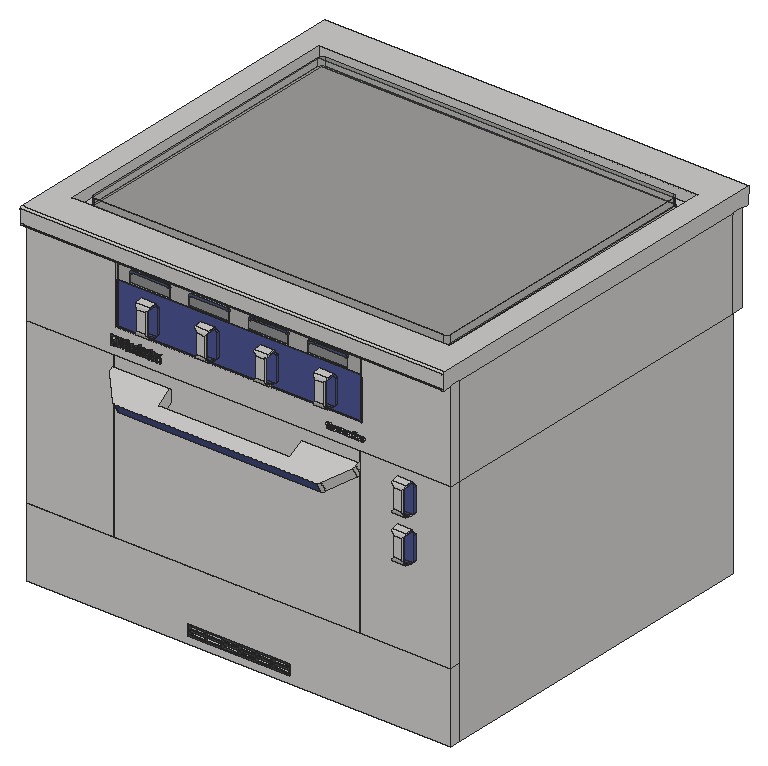
Revit family "QF_ELECTROLUXPROFESSIONAL_589663_MCTGFAJ8AO", category Attrezzature speciali, Revit 2020 (continued)
Definition of nested family "Front_Panel_W1000_4 Knobs"
  Definition of nested family "ELX_Professional_Logo_Small"
    Forms (mm)
      Extrusion 2, solid, material <- "Material_Logo"
        sketch origin (15.5, 0, 0) x (1, 0, 0) y (0, 1, 0)
          loop
            line (0.056, 5.289) -> (0.056, 6.838) -> (-2.402, 6.838) -> (-2.402, -3.572) -> (0.056, -3.572) -> (0.056, 1.901)
            spline (0.056, 1.901) -> (0.079, 2.316) -> (0.145, 2.703) -> (0.254, 3.06) -> (0.404, 3.386) -> (0.592, 3.679) -> (0.818, 3.938) -> (1.08, 4.162) -> (1.375, 4.348) -> (1.703, 4.495) -> (2.062, 4.602) -> (2.45, 4.668) -> (2.865, 4.69)
            line (2.865, 4.69) -> (3.898, 4.586) -> (3.898, 6.983)
          loop
            spline (15.638, 1.633) -> (15.586, 2.396) -> (15.435, 3.124) -> (15.192, 3.81) -> (14.863, 4.449) -> (14.455, 5.034) -> (13.975, 5.56) -> (13.43, 6.021) -> (12.826, 6.411) -> (12.17, 6.724) -> (11.469, 6.955) -> (10.729, 7.098) -> (9.958, 7.147)
            spline (9.958, 7.147) -> (9.182, 7.098) -> (8.44, 6.955) -> (7.737, 6.724) -> (7.081, 6.411) -> (6.477, 6.021) -> (5.933, 5.56) -> (5.454, 5.034) -> (5.048, 4.449) -> (4.721, 3.81) -> (4.479, 3.124) -> (4.329, 2.396) -> (4.277, 1.633)
            spline (4.277, 1.633) -> (4.329, 0.869) -> (4.479, 0.141) -> (4.721, -0.544) -> (5.048, -1.183) -> (5.454, -1.768) -> (5.933, -2.294) -> (6.477, -2.755) -> (7.081, -3.145) -> (7.737, -3.459) -> (8.44, -3.69) -> (9.182, -3.833) -> (9.958, -3.882)
            spline (9.958, -3.882) -> (10.729, -3.833) -> (11.469, -3.69) -> (12.17, -3.459) -> (12.826, -3.145) -> (13.43, -2.755) -> (13.975, -2.294) -> (14.455, -1.768) -> (14.863, -1.183) -> (15.192, -0.544) -> (15.435, 0.141) -> (15.586, 0.869) -> (15.638, 1.633)
          loop
            spline (13.18, 1.633) -> (13.151, 2.083) -> (13.067, 2.513) -> (12.932, 2.918) -> (12.748, 3.296) -> (12.52, 3.642) -> (12.251, 3.954) -> (11.943, 4.227) -> (11.601, 4.459) -> (11.228, 4.645) -> (10.828, 4.782) -> (10.403, 4.867) -> (9.958, 4.896)
            spline (9.958, 4.896) -> (9.509, 4.867) -> (9.081, 4.782) -> (8.679, 4.645) -> (8.306, 4.459) -> (7.964, 4.227) -> (7.658, 3.954) -> (7.39, 3.642) -> (7.163, 3.296) -> (6.981, 2.918) -> (6.847, 2.513) -> (6.765, 2.083) -> (6.736, 1.633)
            spline (6.736, 1.633) -> (6.765, 1.182) -> (6.847, 0.753) -> (6.981, 0.347) -> (7.163, -0.031) -> (7.39, -0.377) -> (7.658, -0.689) -> (7.964, -0.962) -> (8.306, -1.193) -> (8.679, -1.38) -> (9.081, -1.517) -> (9.509, -1.602) -> (9.958, -1.631)
            spline (9.958, -1.631) -> (10.403, -1.602) -> (10.828, -1.517) -> (11.228, -1.38) -> (11.601, -1.193) -> (11.943, -0.962) -> (12.251, -0.689) -> (12.52, -0.377) -> (12.748, -0.031) -> (12.932, 0.347) -> (13.067, 0.753) -> (13.151, 1.182) -> (13.18, 1.633)
          loop
            line (17.162, 4.269) -> (17.162, -3.573) -> (19.642, -3.573) -> (19.642, 10.824) -> (17.162, 10.824) -> (17.162, 4.269)
          loop
            line (28.581, 6.838) -> (28.581, 0.786)
            spline (28.581, 0.786) -> (28.561, 0.393) -> (28.503, 0.038) -> (28.409, -0.279) -> (28.281, -0.559) -> (28.122, -0.802) -> (27.933, -1.011) -> (27.717, -1.185) -> (27.476, -1.325) -> (27.213, -1.433) -> (26.929, -1.509) -> (26.626, -1.554) -> (26.308, -1.569)
            spline (26.308, -1.569) -> (25.99, -1.554) -> (25.688, -1.509) -> (25.404, -1.434) -> (25.141, -1.326) -> (24.9, -1.187) -> (24.684, -1.014) -> (24.496, -0.807) -> (24.336, -0.565) -> (24.209, -0.288) -> (24.115, 0.026) -> (24.057, 0.376) -> (24.037, 0.765)
            line (24.037, 0.765) -> (24.037, 6.838) -> (21.537, 6.838) -> (21.537, 0.558)
            spline (21.537, 0.558) -> (21.581, -0.153) -> (21.71, -0.8) -> (21.916, -1.384) -> (22.195, -1.904) -> (22.54, -2.362) -> (22.944, -2.757) -> (23.403, -3.09) -> (23.909, -3.362) -> (24.456, -3.572) -> (25.04, -3.722) -> (25.652, -3.811) -> (26.288, -3.841)
            spline (26.288, -3.841) -> (26.929, -3.811) -> (27.547, -3.72) -> (28.135, -3.568) -> (28.687, -3.355) -> (29.197, -3.079) -> (29.66, -2.741) -> (30.068, -2.341) -> (30.415, -1.877) -> (30.696, -1.349) -> (30.905, -0.757) -> (31.034, -0.101) -> (31.079, 0.621)
            line (31.079, 0.621) -> (31.079, 6.838) -> (28.581, 6.838)
          loop
            line (40.457, -0.243) -> (38.894, 1.942) -> (40.83, 4.579) -> (42.488, 6.837) -> (39.782, 6.837) -> (37.53, 3.719) -> (35.258, 6.837) -> (32.573, 6.837) -> (34.113, 4.731) -> (36.167, 1.922) -> (34.014, -1.076) -> (32.222, -3.573) -> (34.887, -3.573) -> (37.53, 0.104) -> (40.174, -3.573) -> (42.839, -3.573) -> (40.457, -0.243)
          loop
            line (-46.121, -5.837) -> (-48.039, -5.837) -> (-48.039, -10.814) -> (-47.016, -10.814) -> (-47.016, -9.128) -> (-46.121, -9.128)
            arc (-46.121, -9.128) -> (-44.476, -7.482) -> (-46.121, -5.837) r 1.645
          loop
            line (-46.163, -6.778) -> (-47.016, -6.778) -> (-47.016, -8.187) -> (-46.163, -8.187)
            arc (-46.163, -8.187) -> (-45.458, -7.482) -> (-46.163, -6.778) r 0.704
          loop
            line (-38.313, -5.837) -> (-40.265, -5.837) -> (-40.265, -10.814) -> (-39.241, -10.814) -> (-39.241, -9.1) -> (-38.46, -9.182) -> (-37.48, -10.814) -> (-36.318, -10.814) -> (-37.513, -8.848)
            arc (-37.513, -8.848) -> (-36.888, -8.266) -> (-36.671, -7.441) r 1.536
            arc (-36.671, -7.441) -> (-37.165, -6.305) -> (-38.313, -5.837) r 1.643
          loop
            arc (-38.402, -8.166) -> (-37.707, -7.505) -> (-38.334, -6.778) r 0.696
            line (-38.334, -6.778) -> (-39.241, -6.778) -> (-39.241, -8.166) -> (-38.402, -8.166)
          loop
            circle (-29.965, -8.325) r 2.585
          loop
            circle (-29.965, -8.325) r 1.64
          loop
            line (-23.1, -5.837) -> (-23.1, -10.814) -> (-22.076, -10.814) -> (-22.076, -8.768) -> (-20.204, -8.768) -> (-20.204, -7.828) -> (-22.076, -7.828) -> (-22.076, -6.778) -> (-20.024, -6.778) -> (-20.024, -5.837) -> (-23.1, -5.837)
          loop
            line (-15.802, -5.837) -> (-15.802, -9.2)
            arc (-15.802, -9.2) -> (-15.343, -10.34) -> (-14.209, -10.814) r 1.593
            line (-14.209, -10.814) -> (-12.602, -10.814) -> (-12.602, -10.027) -> (-14.004, -10.027)
            arc (-14.004, -10.027) -> (-14.552, -9.8) -> (-14.779, -9.252) r 0.775
            line (-14.779, -9.252) -> (-14.779, -8.424) -> (-12.789, -8.424) -> (-12.789, -7.642) -> (-14.779, -7.642) -> (-14.779, -6.778) -> (-12.651, -6.778) -> (-12.651, -5.837) -> (-15.802, -5.837)
          loop
            line (-5.909, -7.143) -> (-5.173, -6.638)
            arc (-5.173, -6.638) -> (-5.855, -5.974) -> (-6.781, -5.755) r 1.782
            arc (-6.781, -5.755) -> (-7.397, -5.878) -> (-7.944, -6.189) r 1.974
            arc (-7.944, -6.189) -> (-8.202, -6.5) -> (-8.317, -6.888) r 1.013
            arc (-8.317, -6.888) -> (-8.306, -7.341) -> (-8.192, -7.78) r 1.985
            arc (-8.192, -7.78) -> (-7.749, -8.259) -> (-7.171, -8.563) r 1.928
            arc (-7.171, -8.563) -> (-6.637, -8.779) -> (-6.131, -9.056) r 5.041
            arc (-6.131, -9.056) -> (-5.934, -9.387) -> (-6.09, -9.74) r 0.42
            arc (-6.09, -9.74) -> (-6.631, -9.96) -> (-7.204, -9.845) r 1.016
            arc (-7.204, -9.845) -> (-7.625, -9.603) -> (-7.889, -9.196) r 1.033
            line (-7.889, -9.196) -> (-8.67, -9.686)
            arc (-8.67, -9.686) -> (-8.361, -10.198) -> (-7.908, -10.589) r 1.914
            arc (-7.908, -10.589) -> (-7.334, -10.834) -> (-6.714, -10.896) r 2.063
            arc (-6.714, -10.896) -> (-5.947, -10.743) -> (-5.256, -10.376) r 2.696
            arc (-5.256, -10.376) -> (-4.95, -9.565) -> (-5.108, -8.712) r 1.618
            arc (-5.108, -8.712) -> (-5.448, -8.319) -> (-5.884, -8.035) r 1.876
            arc (-5.884, -8.035) -> (-6.434, -7.789) -> (-6.999, -7.577) r 9.883
            arc (-6.999, -7.577) -> (-7.325, -7.07) -> (-6.854, -6.694) r 0.45
            arc (-6.854, -6.694) -> (-6.329, -6.809) -> (-5.909, -7.143) r 1.197
          loop
            line (1.61, -7.143) -> (2.345, -6.638)
            arc (2.345, -6.638) -> (1.663, -5.974) -> (0.737, -5.755) r 1.782
            arc (0.737, -5.755) -> (0.121, -5.878) -> (-0.425, -6.189) r 1.974
            arc (-0.425, -6.189) -> (-0.683, -6.5) -> (-0.799, -6.888) r 1.013
            arc (-0.799, -6.888) -> (-0.788, -7.341) -> (-0.674, -7.78) r 1.985
            arc (-0.674, -7.78) -> (-0.231, -8.259) -> (0.347, -8.563) r 1.928
            arc (0.347, -8.563) -> (0.881, -8.779) -> (1.387, -9.056) r 5.041
            arc (1.387, -9.056) -> (1.584, -9.387) -> (1.428, -9.74) r 0.42
            arc (1.428, -9.74) -> (0.887, -9.96) -> (0.314, -9.845) r 1.016
            arc (0.314, -9.845) -> (-0.107, -9.603) -> (-0.371, -9.196) r 1.033
            line (-0.371, -9.196) -> (-1.152, -9.686)
            arc (-1.152, -9.686) -> (-0.842, -10.198) -> (-0.39, -10.589) r 1.914
            arc (-0.39, -10.589) -> (0.184, -10.834) -> (0.804, -10.896) r 2.063
            arc (0.804, -10.896) -> (1.572, -10.743) -> (2.263, -10.376) r 2.696
            arc (2.263, -10.376) -> (2.568, -9.565) -> (2.411, -8.712) r 1.618
            arc (2.411, -8.712) -> (2.07, -8.319) -> (1.635, -8.035) r 1.876
            arc (1.635, -8.035) -> (1.084, -7.789) -> (0.519, -7.577) r 9.883
            arc (0.519, -7.577) -> (0.193, -7.07) -> (0.665, -6.694) r 0.45
            arc (0.665, -6.694) -> (1.189, -6.809) -> (1.61, -7.143) r 1.197
          loop
            line (6.801, -5.837) -> (6.801, -10.814) -> (7.825, -10.814) -> (7.825, -5.837) -> (6.801, -5.837)
          loop
            circle (14.724, -8.325) r 1.548
          loop
            circle (14.724, -8.325) r 2.585
          loop
            line (21.59, -10.814) -> (22.623, -10.814) -> (22.623, -7.685) -> (24.9, -10.814) -> (25.895, -10.814) -> (25.895, -5.837) -> (24.861, -5.837) -> (24.861, -9.061) -> (22.585, -5.837) -> (21.59, -5.837) -> (21.59, -10.814)
          loop
            line (31.054, -10.814) -> (31.539, -9.74) -> (33.38, -9.74) -> (33.865, -10.814) -> (34.965, -10.814) -> (32.46, -5.837) -> (29.956, -10.814) -> (31.054, -10.814)
          loop
            line (32.46, -7.698) -> (31.999, -8.719) -> (32.921, -8.719) -> (32.46, -7.698)
          loop
            line (40.047, -9.873) -> (40.047, -5.837) -> (39.024, -5.837) -> (39.024, -10.814) -> (41.961, -10.814) -> (41.961, -9.873) -> (40.047, -9.873)
          loop
            line (-74.986, -10.814) -> (-53.322, -10.814) -> (-53.322, 10.82) -> (-74.986, 10.82) -> (-74.986, -10.814)
          loop
            line (-61.261, 9.758) -> (-61.261, -9.707)
            arc (-61.261, -9.707) -> (-54.066, 0.025) -> (-61.261, 9.758) r 10.18
          loop
            line (-62.251, 8.349) -> (-62.251, 9.758)
            arc (-62.251, 9.758) -> (-70.347, 7.918) -> (-74.247, 0.59) r 9.976
            line (-74.247, 0.59) -> (-71.026, 0.59)
            arc (-71.026, 0.59) -> (-65.274, 2.925) -> (-62.251, 8.349) r 9.351
          loop
            arc (-74.247, -0.539) -> (-70.353, -7.928) -> (-62.251, -9.957) r 10.237
            line (-62.251, -9.957) -> (-62.251, -8.298)
            arc (-62.251, -8.298) -> (-65.274, -2.874) -> (-71.026, -0.539) r 9.351
            line (-71.026, -0.539) -> (-74.247, -0.539)
        from 0 to 1.644
    Dimensions and locks
      aligned and locked: plane 2 to Extrusion 1
      aligned and locked: level to Extrusion 1
